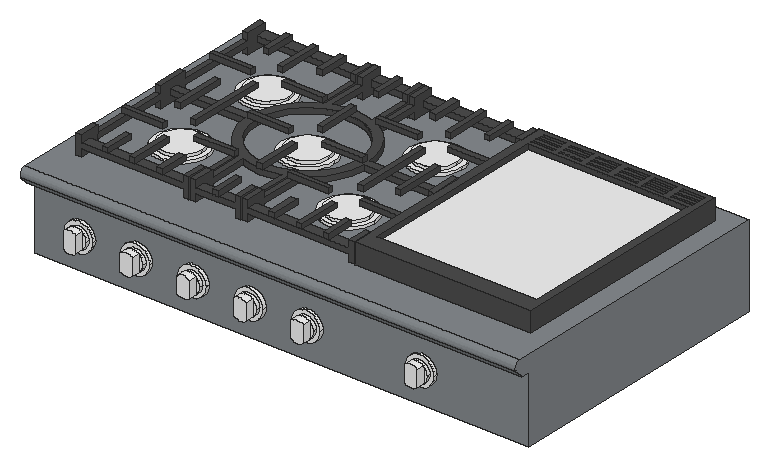
Revit family "DCS_SDA_Data_Sheet_CPV2-485_Cooktop_ISSUE1 IMPERIAL", category Specialty Equipment, Revit 2015
Parameters
  URL = "www.yepsketch.com"
  Model = "DCS_SDA_Data_Sheet_CPV2-485_Cooktop_ISSUE1"
  Manufacturer = "Fisher & Paykel"
  Description = "D20 20000"
  Author = "Yepsketch"
Reference planes (in)
  plane 1 "Center (Front/Back)": y = 0
  plane 2: z = 0
  plane 3 "Center (Left/Right)": x = 0
  plane 4: x = 47.875
  plane 5: y = 28.125
  plane 6: z = 8
  plane 7: z = 9.9375
Forms (in)
  Extrusion 1, solid, material "gray"
    sketch origin (0, 0, 0) x (1, 0, 0) y (0, 1, 0)
      loop
        line (0, 28.125) -> (0, 1.625) -> (47.875, 1.625) -> (47.875, 28.125) -> (0, 28.125)
    from 0 to 8
  Extrusion 2, solid, material "gray"
    sketch origin (0, 1.625, 0) x (0, 1, 0) y (0, 0, 1)
      loop
        line (0, 8) -> (-1.125, 8)
        arc (-1.125, 8) -> (-1.625, 7.71132) -> (-1.625, 7.13397) r 0.57735
        line (-1.625, 7.13397) -> (-0.86612, 6.37509) -> (0, 6.37509) -> (0, 8)
    from 0 to 47.875
  Extrusion 3, solid, material "black"
    sketch origin (0, 0, 0) x (1, 0, 0) y (0, 1, 0)
      loop
        line (28.96665, 26.44855) -> (28.96665, 4.19855) -> (45.96665, 4.19855) -> (45.96665, 26.44855) -> (28.96665, 26.44855)
      loop
        line (29.73843, 24.14376) -> (29.73843, 5.89376) -> (45.23843, 5.89376) -> (45.23843, 24.14376) -> (29.73843, 24.14376)
      loop
        line (29.73843, 26.01743) -> (29.73843, 25.68038) -> (31.88478, 25.68038) -> (31.88478, 26.01743) -> (29.73843, 26.01743)
      loop
        line (29.73843, 25.40524) -> (29.73843, 25.09571) -> (31.88478, 25.09571) -> (31.88478, 25.40524) -> (29.73843, 25.40524)
      loop
        line (29.73843, 24.80682) -> (29.73843, 24.50416) -> (31.88478, 24.50416) -> (31.88478, 24.80682) -> (29.73843, 24.80682)
      loop
        line (35.10601, 26.01743) -> (35.10601, 25.68038) -> (37.25235, 25.68038) -> (37.25235, 26.01743) -> (35.10601, 26.01743)
      loop
        line (35.10601, 25.40524) -> (35.10601, 25.09571) -> (37.25235, 25.09571) -> (37.25235, 25.40524) -> (35.10601, 25.40524)
      loop
        line (35.10601, 24.80682) -> (35.10601, 24.50416) -> (37.25235, 24.50416) -> (37.25235, 24.80682) -> (35.10601, 24.80682)
      loop
        line (37.85601, 26.01743) -> (37.85601, 25.68038) -> (40.00235, 25.68038) -> (40.00235, 26.01743) -> (37.85601, 26.01743)
      loop
        line (37.85601, 25.40524) -> (37.85601, 25.09571) -> (40.00235, 25.09571) -> (40.00235, 25.40524) -> (37.85601, 25.40524)
      loop
        line (37.85601, 24.80682) -> (37.85601, 24.50416) -> (40.00235, 24.50416) -> (40.00235, 24.80682) -> (37.85601, 24.80682)
      loop
        line (40.48497, 26.01743) -> (40.48497, 25.68038) -> (42.63132, 25.68038) -> (42.63132, 26.01743) -> (40.48497, 26.01743)
      loop
        line (40.48497, 25.40524) -> (40.48497, 25.09571) -> (42.63132, 25.09571) -> (42.63132, 25.40524) -> (40.48497, 25.40524)
      loop
        line (40.48497, 24.80682) -> (40.48497, 24.50416) -> (42.63132, 24.50416) -> (42.63132, 24.80682) -> (40.48497, 24.80682)
      loop
        line (43.23497, 26.01743) -> (43.23497, 25.68038) -> (45.38132, 25.68038) -> (45.38132, 26.01743) -> (43.23497, 26.01743)
      loop
        line (43.23497, 25.40524) -> (43.23497, 25.09571) -> (45.38132, 25.09571) -> (45.38132, 25.40524) -> (43.23497, 25.40524)
      loop
        line (43.23497, 24.80682) -> (43.23497, 24.50416) -> (45.38132, 24.50416) -> (45.38132, 24.80682) -> (43.23497, 24.80682)
      loop
        line (32.42593, 26.01743) -> (32.42593, 25.68038) -> (34.57228, 25.68038) -> (34.57228, 26.01743) -> (32.42593, 26.01743)
      loop
        line (32.42593, 25.40524) -> (32.42593, 25.09571) -> (34.57228, 25.09571) -> (34.57228, 25.40524) -> (32.42593, 25.40524)
      loop
        line (32.42593, 24.80682) -> (32.42593, 24.50416) -> (34.57228, 24.50416) -> (34.57228, 24.80682) -> (32.42593, 24.80682)
    from 8 to 9.9375
  Extrusion 4, solid, material "Aluminium"
    sketch origin (0, 0, 0) x (1, 0, 0) y (0, 1, 0)
      loop
        line (29.73843, 24.14376) -> (29.73843, 5.89376) -> (45.23843, 5.89376) -> (45.23843, 24.14376) -> (29.73843, 24.14376)
    from 8 to 9.5
  Extrusion 5, solid, material "black"
    sketch origin (0, 0, 0) x (1, 0, 0) y (0, 1, 0)
      loop
        line (1.99045, 26.38494) -> (1.99045, 24.38494) -> (2.49045, 24.38494) -> (2.49045, 26.38494) -> (1.99045, 26.38494)
      loop
        line (1.99045, 16.74213) -> (1.99045, 13.76461) -> (2.49045, 13.76461) -> (2.49045, 16.74213) -> (1.99045, 16.74213)
      loop
        line (1.99045, 6.16778) -> (1.99045, 4.19204) -> (2.49045, 4.19204) -> (2.49045, 6.16778) -> (1.99045, 6.16778)
      loop
        line (12.42584, 26.38494) -> (12.42584, 24.38494) -> (12.92584, 24.38494) -> (12.92584, 26.38494) -> (12.42584, 26.38494)
      loop
        line (12.42584, 6.16778) -> (12.42584, 4.19204) -> (12.92584, 4.19204) -> (12.92584, 6.16778) -> (12.42584, 6.16778)
      loop
        line (13.09048, 26.38494) -> (13.09048, 24.38494) -> (13.59048, 24.38494) -> (13.59048, 26.38494) -> (13.09048, 26.38494)
      loop
        line (13.09048, 6.16778) -> (13.09048, 4.19204) -> (13.59048, 4.19204) -> (13.59048, 6.16778) -> (13.09048, 6.16778)
      loop
        line (17.41704, 26.38494) -> (17.41704, 24.38494) -> (17.91704, 24.38494) -> (17.91704, 26.38494) -> (17.41704, 26.38494)
      loop
        line (17.41704, 6.16778) -> (17.41704, 4.19204) -> (17.91704, 4.19204) -> (17.91704, 6.16778) -> (17.41704, 6.16778)
      loop
        line (18.08048, 26.38494) -> (18.08048, 24.38494) -> (18.58048, 24.38494) -> (18.58048, 26.38494) -> (18.08048, 26.38494)
      loop
        line (18.08048, 6.16778) -> (18.08048, 4.19204) -> (18.58048, 4.19204) -> (18.58048, 6.16778) -> (18.08048, 6.16778)
      loop
        line (28.41051, 26.38494) -> (28.41051, 24.38494) -> (28.91051, 24.38494) -> (28.91051, 26.38494) -> (28.41051, 26.38494)
      loop
        line (28.41051, 16.74213) -> (28.41051, 13.76461) -> (28.91051, 13.76461) -> (28.91051, 16.74213) -> (28.41051, 16.74213)
      loop
        line (28.41051, 6.16778) -> (28.41051, 4.19204) -> (28.91051, 4.19204) -> (28.91051, 6.16778) -> (28.41051, 6.16778)
    from 8 to 9.9375
  Extrusion 6, solid, material "black"
    sketch origin (0, 0, 0) x (1, 0, 0) y (0, 1, 0)
      loop
        line (1.99045, 24.38494) -> (1.99045, 16.74213) -> (2.49045, 16.74213) -> (2.49045, 24.38494) -> (1.99045, 24.38494)
      loop
        line (1.99045, 13.76461) -> (1.99045, 6.16778) -> (2.49045, 6.16778) -> (2.49045, 13.76461) -> (1.99045, 13.76461)
      loop
        line (2.49045, 5.17991) -> (2.49045, 4.19204) -> (12.42584, 4.19204) -> (12.42584, 5.17991) -> (2.49045, 5.17991)
      loop
        line (12.92584, 6.16778) -> (12.92584, 10.12333)
        arc (12.92584, 10.12333) -> (13.00931, 10.08197) -> (13.09343, 10.04197) r 5.75
        line (13.09343, 10.04197) -> (13.09343, 6.16778) -> (13.59048, 6.16778) -> (13.59048, 9.83821)
        arc (13.59048, 9.83821) -> (15.50275, 9.50461) -> (17.41704, 9.82633) r 5.75
        line (17.41704, 9.82633) -> (17.41704, 6.16778) -> (17.91704, 6.16778) -> (17.91704, 10.02777)
        arc (17.91704, 10.02777) -> (17.99907, 10.06617) -> (18.08048, 10.10585) r 5.75
        line (18.08048, 10.10585) -> (18.08048, 6.16778) -> (18.58048, 6.16778) -> (18.58048, 10.38636)
        arc (18.58048, 10.38636) -> (20.45992, 12.31085) -> (21.25836, 14.87959) r 5.75
        line (21.25836, 14.87959) -> (28.41051, 14.87959) -> (28.41051, 15.62959) -> (21.25836, 15.62959)
        arc (21.25836, 15.62959) -> (20.45992, 18.19832) -> (18.58048, 20.12281) r 5.75
        line (18.58048, 20.12281) -> (18.58048, 24.38494) -> (18.08048, 24.38494) -> (18.08048, 20.40332)
        arc (18.08048, 20.40332) -> (17.99907, 20.443) -> (17.91704, 20.4814) r 5.75
        line (17.91704, 20.4814) -> (17.91704, 24.38494) -> (17.41704, 24.38494) -> (17.41704, 20.68285)
        arc (17.41704, 20.68285) -> (15.50275, 21.00456) -> (13.59048, 20.67097) r 5.75
        line (13.59048, 20.67097) -> (13.59048, 24.38494) -> (13.09048, 24.38494) -> (13.09048, 20.46583)
        arc (13.09048, 20.46583) -> (13.00785, 20.42649) -> (12.92584, 20.38584) r 5.75
        line (12.92584, 20.38584) -> (12.92584, 24.38494) -> (12.42584, 24.38494) -> (12.42584, 20.10072)
        arc (12.42584, 20.10072) -> (10.57074, 18.18058) -> (9.78284, 15.62959) r 5.75
        line (9.78284, 15.62959) -> (2.49045, 15.62959) -> (2.49045, 14.87959) -> (9.78284, 14.87959)
        arc (9.78284, 14.87959) -> (10.57074, 12.3286) -> (12.42584, 10.40845) r 5.75
        line (12.42584, 10.40845) -> (12.42584, 6.16778) -> (12.92584, 6.16778)
      loop
        line (2.49045, 26.38494) -> (2.49045, 25.38494) -> (12.42584, 25.38494) -> (12.42584, 26.38494) -> (2.49045, 26.38494)
      loop
        line (13.59048, 26.38494) -> (13.59048, 25.38494) -> (17.41704, 25.38494) -> (17.41704, 26.38494) -> (13.59048, 26.38494)
      loop
        line (13.59048, 5.17991) -> (13.59048, 4.19204) -> (17.41704, 4.19204) -> (17.41704, 5.17991) -> (13.59048, 5.17991)
      loop
        line (18.58048, 5.17991) -> (18.58048, 4.19204) -> (28.41051, 4.19204) -> (28.41051, 5.17991) -> (18.58048, 5.17991)
      loop
        line (28.91051, 6.16778) -> (28.91051, 13.76461) -> (28.41051, 13.76461) -> (28.41051, 6.16778) -> (28.91051, 6.16778)
      loop
        line (28.91051, 16.74213) -> (28.91051, 24.38494) -> (28.41051, 24.38494) -> (28.41051, 16.74213) -> (28.91051, 16.74213)
      loop
        line (28.41051, 26.38494) -> (18.58048, 26.38494) -> (18.58048, 25.38494) -> (28.41051, 25.38494) -> (28.41051, 26.38494)
      loop
        circle (15.5206, 15.25459) r 4.90723
    from 8.72691 to 9.25
  Extrusion 7, solid, material "black"
    sketch origin (0, 0, 0) x (1, 0, 0) y (0, 1, 0)
      loop
        line (4.55308, 26.38494) -> (4.55308, 23.63494) -> (5.05308, 23.63494) -> (5.05308, 26.38494) -> (4.55308, 26.38494)
      loop
        line (7.14117, 26.38494) -> (7.14117, 22.13494) -> (7.64117, 22.13494) -> (7.64117, 26.38494) -> (7.14117, 26.38494)
      loop
        line (9.72926, 26.38494) -> (9.72926, 23.63494) -> (10.31842, 23.63494) -> (10.31842, 26.38494) -> (9.72926, 26.38494)
      loop
        line (1.99045, 20.84148) -> (1.99045, 20.34148) -> (5.99045, 20.34148) -> (5.99045, 20.84148) -> (1.99045, 20.84148)
      loop
        line (12.92584, 20.84148) -> (8.92584, 20.84148) -> (8.92584, 20.34148) -> (12.92584, 20.34148) -> (12.92584, 20.84148)
      loop
        line (7.14117, 19.07139) -> (7.14117, 11.59433) -> (7.64117, 11.59433) -> (7.64117, 19.07139) -> (7.14117, 19.07139)
      loop
        line (4.59387, 17.66793) -> (4.59387, 12.91793) -> (5.09387, 12.91793) -> (5.09387, 17.66793) -> (4.59387, 17.66793)
      loop
        line (1.99045, 10.20513) -> (1.99045, 9.70513) -> (5.99045, 9.70513) -> (5.99045, 10.20513) -> (1.99045, 10.20513)
      loop
        line (12.92584, 10.12333) -> (9.0056, 10.12333) -> (9.0056, 9.70513) -> (12.92584, 9.70513) -> (12.92584, 10.12333)
      loop
        line (4.59387, 6.91088) -> (4.59387, 4.19204) -> (5.09387, 4.19204) -> (5.09387, 6.91088) -> (4.59387, 6.91088)
      loop
        line (7.14117, 8.35094) -> (7.14117, 4.19204) -> (7.64117, 4.19204) -> (7.64117, 8.35094) -> (7.14117, 8.35094)
      loop
        line (9.79004, 6.91088) -> (9.79004, 4.19204) -> (10.39807, 4.19204) -> (10.39807, 6.91088) -> (9.79004, 6.91088)
      loop
        line (26.45241, 26.38494) -> (25.95241, 26.38494) -> (25.95241, 23.63494) -> (26.45241, 23.63494) -> (26.45241, 26.38494)
      loop
        line (23.86432, 26.38494) -> (23.36432, 26.38494) -> (23.36432, 22.13494) -> (23.86432, 22.13494) -> (23.86432, 26.38494)
      loop
        line (21.27623, 26.38494) -> (20.68707, 26.38494) -> (20.68707, 23.63494) -> (21.27623, 23.63494) -> (21.27623, 26.38494)
      loop
        line (29.01504, 20.84148) -> (25.01504, 20.84148) -> (25.01504, 20.34148) -> (29.01504, 20.34148) -> (29.01504, 20.84148)
      loop
        line (18.07965, 20.84148) -> (18.07965, 20.34148) -> (22.07965, 20.34148) -> (22.07965, 20.84148) -> (18.07965, 20.84148)
      loop
        line (23.86432, 19.07139) -> (23.36432, 19.07139) -> (23.36432, 11.59433) -> (23.86432, 11.59433) -> (23.86432, 19.07139)
      loop
        line (26.41162, 17.66793) -> (25.91162, 17.66793) -> (25.91162, 12.91793) -> (26.41162, 12.91793) -> (26.41162, 17.66793)
      loop
        line (29.01504, 10.20513) -> (25.01504, 10.20513) -> (25.01504, 9.70513) -> (29.01504, 9.70513) -> (29.01504, 10.20513)
      loop
        line (18.07965, 10.12333) -> (18.07965, 9.70513) -> (21.99989, 9.70513) -> (21.99989, 10.12333) -> (18.07965, 10.12333)
      loop
        line (26.41162, 6.91088) -> (25.91162, 6.91088) -> (25.91162, 4.19204) -> (26.41162, 4.19204) -> (26.41162, 6.91088)
      loop
        line (23.86432, 8.35094) -> (23.36432, 8.35094) -> (23.36432, 4.19204) -> (23.86432, 4.19204) -> (23.86432, 8.35094)
      loop
        line (21.21545, 6.91088) -> (20.60742, 6.91088) -> (20.60742, 4.19204) -> (21.21545, 4.19204) -> (21.21545, 6.91088)
      loop
        line (15.21651, 26.38494) -> (15.21651, 23.63494) -> (15.74712, 23.63494) -> (15.74712, 26.38494) -> (15.21651, 26.38494)
      loop
        line (15.24623, 6.91088) -> (15.24623, 4.19204) -> (15.74712, 4.19204) -> (15.74712, 6.91088) -> (15.24623, 6.91088)
      loop
        line (15.24623, 13.65213) -> (15.24623, 9.50905) -> (15.74712, 9.50905) -> (15.74712, 13.65213) -> (15.24623, 13.65213)
      loop
        line (15.74712, 16.82443) -> (15.74712, 20.84148) -> (15.24623, 20.84148) -> (15.24623, 16.82443) -> (15.74712, 16.82443)
      loop
        line (13.90989, 15.49557) -> (9.90989, 15.49557) -> (9.90989, 14.99557) -> (13.90989, 14.99557) -> (13.90989, 15.49557)
      loop
        line (17.08345, 15.49557) -> (17.08345, 14.99557) -> (21.08345, 14.99557) -> (21.08345, 15.49557) -> (17.08345, 15.49557)
    from 9.25 to 9.75
  Extrusion 8, solid, material "Aluminium"
    sketch origin (0, 0, 0) x (1, 0, 0) y (0, 1, 0)
      loop
        circle (7.45815, 20.59148) r 2.5
    from 8 to 8.25
  Extrusion 9, solid, material "Aluminium"
    sketch origin (0, 0, 0) x (1, 0, 0) y (0, 1, 0)
      loop
        circle (7.45815, 20.59148) r 2
    from 8.25 to 8.5
  Extrusion 10, solid, material "Aluminium"
    sketch origin (0, -10.5406, 0) x (1, 0, 0) y (0, 1, 0)
      loop
        circle (7.45815, 20.59148) r 2.5
    from 8 to 8.25
  Extrusion 11, solid, material "Aluminium"
    sketch origin (0, -10.5406, 0) x (1, 0, 0) y (0, 1, 0)
      loop
        circle (7.45815, 20.59148) r 2
    from 8.25 to 8.5
  Extrusion 12, solid, material "Aluminium"
    sketch origin (8.1055, -5.3105, 0) x (1, 0, 0) y (0, 1, 0)
      loop
        circle (7.45815, 20.59148) r 2.5
    from 8 to 8.25
  Extrusion 13, solid, material "Aluminium"
    sketch origin (8.1055, -5.3105, 0) x (1, 0, 0) y (0, 1, 0)
      loop
        circle (7.45815, 20.59148) r 2
    from 8.25 to 8.5
  Extrusion 14, solid, material "Aluminium"
    sketch origin (16.22315, 0, 0) x (1, 0, 0) y (0, 1, 0)
      loop
        circle (7.45815, 20.59148) r 2.5
    from 8 to 8.25
  Extrusion 15, solid, material "Aluminium"
    sketch origin (16.22315, 0, 0) x (1, 0, 0) y (0, 1, 0)
      loop
        circle (7.45815, 20.59148) r 2
    from 8.25 to 8.5
  Extrusion 16, solid, material "Aluminium"
    sketch origin (16.22315, -10.5406, 0) x (1, 0, 0) y (0, 1, 0)
      loop
        circle (7.45815, 20.59148) r 2.5
    from 8 to 8.25
  Extrusion 17, solid, material "Aluminium"
    sketch origin (16.22315, -10.5406, 0) x (1, 0, 0) y (0, 1, 0)
      loop
        circle (7.45815, 20.59148) r 2
    from 8.25 to 8.5
  Extrusion 18, solid, material "Aluminium"
    sketch origin (0, 0, 0) x (1, 0, 0) y (0, 0, 1)
      loop
        circle (4.51963, 3.04958) r 1.38159
    from -1.625 to -1.30949
  Extrusion 19, solid, material "Aluminium"
    sketch origin (0, 0, 0) x (1, 0, 0) y (0, 0, 1)
      loop
        circle (4.51963, 3.04958) r 1
    from -1.30949 to -1
  Extrusion 20, solid, material "Aluminium"
    sketch origin (0, 0, 0) x (1, 0, 0) y (0, 0, 1)
      loop
        line (3.90694, 3.83991) -> (3.90694, 2.25926)
        arc (3.90694, 2.25926) -> (4.51963, 2.04958) -> (5.13232, 2.25926) r 1
        line (5.13232, 2.25926) -> (5.13232, 3.83991)
        arc (5.13232, 3.83991) -> (4.51963, 4.04958) -> (3.90694, 3.83991) r 1
    from -1 to -0.25
  Extrusion 21, solid, material "Aluminium"
    sketch origin (5.5, 0, 0) x (1, 0, 0) y (0, 0, 1)
      loop
        circle (4.51963, 3.04958) r 1.38159
    from -1.625 to -1.30949
  Extrusion 22, solid, material "Aluminium"
    sketch origin (5.5, 0, 0) x (1, 0, 0) y (0, 0, 1)
      loop
        circle (4.51963, 3.04958) r 1
    from -1.30949 to -1
  Extrusion 23, solid, material "Aluminium"
    sketch origin (5.5, 0, 0) x (1, 0, 0) y (0, 0, 1)
      loop
        line (3.90694, 3.83991) -> (3.90694, 2.25926)
        arc (3.90694, 2.25926) -> (4.51963, 2.04958) -> (5.13232, 2.25926) r 1
        line (5.13232, 2.25926) -> (5.13232, 3.83991)
        arc (5.13232, 3.83991) -> (4.51963, 4.04958) -> (3.90694, 3.83991) r 1
    from -1 to -0.25
  Extrusion 24, solid, material "Aluminium"
    sketch origin (11, 0, 0) x (1, 0, 0) y (0, 0, 1)
      loop
        circle (4.51963, 3.04958) r 1.38159
    from -1.625 to -1.30949
  Extrusion 25, solid, material "Aluminium"
    sketch origin (11, 0, 0) x (1, 0, 0) y (0, 0, 1)
      loop
        circle (4.51963, 3.04958) r 1
    from -1.30949 to -1
  Extrusion 26, solid, material "Aluminium"
    sketch origin (11, 0, 0) x (1, 0, 0) y (0, 0, 1)
      loop
        line (3.90694, 3.83991) -> (3.90694, 2.25926)
        arc (3.90694, 2.25926) -> (4.51963, 2.04958) -> (5.13232, 2.25926) r 1
        line (5.13232, 2.25926) -> (5.13232, 3.83991)
        arc (5.13232, 3.83991) -> (4.51963, 4.04958) -> (3.90694, 3.83991) r 1
    from -1 to -0.25
  Extrusion 27, solid, material "Aluminium"
    sketch origin (16.5, 0, 0) x (1, 0, 0) y (0, 0, 1)
      loop
        circle (4.51963, 3.04958) r 1.38159
    from -1.625 to -1.30949
  Extrusion 28, solid, material "Aluminium"
    sketch origin (16.5, 0, 0) x (1, 0, 0) y (0, 0, 1)
      loop
        circle (4.51963, 3.04958) r 1
    from -1.30949 to -1
  Extrusion 29, solid, material "Aluminium"
    sketch origin (16.5, 0, 0) x (1, 0, 0) y (0, 0, 1)
      loop
        line (3.90694, 3.83991) -> (3.90694, 2.25926)
        arc (3.90694, 2.25926) -> (4.51963, 2.04958) -> (5.13232, 2.25926) r 1
        line (5.13232, 2.25926) -> (5.13232, 3.83991)
        arc (5.13232, 3.83991) -> (4.51963, 4.04958) -> (3.90694, 3.83991) r 1
    from -1 to -0.25
  Extrusion 30, solid, material "Aluminium"
    sketch origin (22, 0, 0) x (1, 0, 0) y (0, 0, 1)
      loop
        circle (4.51963, 3.04958) r 1.38159
    from -1.625 to -1.30949
  Extrusion 31, solid, material "Aluminium"
    sketch origin (22, 0, 0) x (1, 0, 0) y (0, 0, 1)
      loop
        circle (4.51963, 3.04958) r 1
    from -1.30949 to -1
  Extrusion 32, solid, material "Aluminium"
    sketch origin (22, 0, 0) x (1, 0, 0) y (0, 0, 1)
      loop
        line (3.90694, 3.83991) -> (3.90694, 2.25926)
        arc (3.90694, 2.25926) -> (4.51963, 2.04958) -> (5.13232, 2.25926) r 1
        line (5.13232, 2.25926) -> (5.13232, 3.83991)
        arc (5.13232, 3.83991) -> (4.51963, 4.04958) -> (3.90694, 3.83991) r 1
    from -1 to -0.25
  Extrusion 33, solid, material "Aluminium"
    sketch origin (33, 0, 0) x (1, 0, 0) y (0, 0, 1)
      loop
        circle (4.51963, 3.04958) r 1.38159
    from -1.625 to -1.30949
  Extrusion 34, solid, material "Aluminium"
    sketch origin (33, 0, 0) x (1, 0, 0) y (0, 0, 1)
      loop
        circle (4.51963, 3.04958) r 1
    from -1.30949 to -1
  Extrusion 35, solid, material "Aluminium"
    sketch origin (33, 0, 0) x (1, 0, 0) y (0, 0, 1)
      loop
        line (3.90694, 3.83991) -> (3.90694, 2.25926)
        arc (3.90694, 2.25926) -> (4.51963, 2.04958) -> (5.13232, 2.25926) r 1
        line (5.13232, 2.25926) -> (5.13232, 3.83991)
        arc (5.13232, 3.83991) -> (4.51963, 4.04958) -> (3.90694, 3.83991) r 1
    from -1 to -0.25
  Revolve 36, solid, material "copper"
    sketch origin (0, 26.5, 0) x (1, 0, 0) y (0, 0, 1)
      loop
        line (10.56213, 0) -> (10.56213, -3) -> (10.70878, -3) -> (10.70878, -0.65587) -> (10.95878, -0.65587) -> (10.95878, 0) -> (10.56213, 0)
      axis (10.56213, 0) -> (10.56213, -3)
    angle from 0 to 360
  Revolve 37, solid, material "copper"
    sketch origin (0, 26.5, 0) x (1, 0, 0) y (0, 0, 1)
      loop
        line (3.13541, 0) -> (3.13541, -4.83119) -> (3.88541, -4.83119) -> (3.88541, -1.12636) -> (3.63541, -1.12636) -> (3.63541, 0) -> (3.13541, 0)
      axis (3.13541, 0) -> (3.13541, -4.83119)
    angle from 0 to 360
  Extrusion 38, solid, material "copper"
    sketch origin (0, 26.5, 0) x (1, 0, 0) y (0, 0, 1)
      loop
        line (1.79753, -1.56604) -> (1.79753, -4.56604) -> (4.54753, -4.56604) -> (4.54753, -1.56604) -> (1.79753, -1.56604)
    from -1 to 1
  Blend 39, solid, material "copper"
    base sketch origin (0, 26.5, 0) x (1, 0, 0) y (0, 0, 1)
      loop
        circle (3.19146, -3.08768) r 1.14694
    top sketch origin (0, 0, 0) x (1, 0, 0) y (0, 0, 1)
      loop
        circle (3.19146, -3.08768) r 1
    from 1 to -25.25
  Extrusion 40, solid, material "copper"
    sketch origin (0, 26.5, 0) x (1, 0, 0) y (0, 0, 1)
      loop
        circle (3.18721, -3.07456) r 0.5
    from 1.25 to 1.75
Cuts and joins
  joined: Extrusion 1, Extrusion 2
  joined: Extrusion 5, Extrusion 6
  joined: Extrusion 18, Extrusion 19, Extrusion 20, Extrusion 21, Extrusion 22, Extrusion 23, Extrusion 24, Extrusion 25, Extrusion 26, Extrusion 27, Extrusion 28, Extrusion 29, Extrusion 30, Extrusion 31, Extrusion 32, Extrusion 33, Extrusion 34, Extrusion 35
Dimensions and locks (in)
  aligned and locked: level to plane 2
